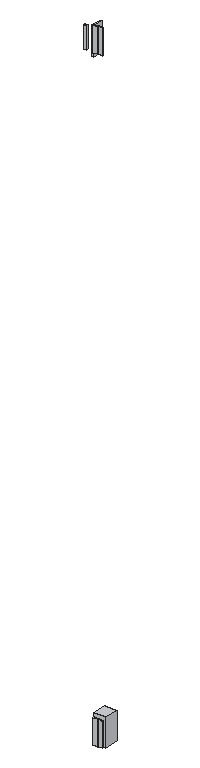
Revit family "МетеорЛифт_Лифт_Пассажирский_МетеорЛифт_EvoNG_LOD100", category Оборудование, Revit 2020 (continued)
Dimensions and locks
  aligned and locked: plane 5 "Задняя стена шахты" to nested 35
  aligned and locked: plane 5 "Задняя стена шахты" to nested 34
  aligned and locked: plane 5 "Задняя стена шахты" to nested 22
  aligned and locked: plane 5 "Задняя стена шахты" to nested 20
  aligned and locked: plane 5 "Задняя стена шахты" to nested 47
  aligned and locked: plane 5 "Задняя стена шахты" to nested 48
  aligned and locked: plane 5 "Задняя стена шахты" to nested 49
  aligned and locked: plane 5 "Задняя стена шахты" to nested 50
  aligned and locked: plane 5 "Задняя стена шахты" to nested 51
  aligned and locked: plane 5 "Задняя стена шахты" to nested 52
  aligned and locked: plane 5 "Задняя стена шахты" to nested 53
  aligned and locked: plane 5 "Задняя стена шахты" to nested 54
  aligned and locked: plane 5 "Задняя стена шахты" to nested 55
  aligned and locked: plane 5 "Задняя стена шахты" to nested 56
  aligned and locked: plane 5 "Задняя стена шахты" to nested 57
  aligned and locked: plane 5 "Задняя стена шахты" to nested 58
  aligned and locked: plane 5 "Задняя стена шахты" to nested 59
  aligned and locked: plane 5 "Задняя стена шахты" to nested 60
  aligned and locked: plane 5 "Задняя стена шахты" to nested 61
  aligned and locked: plane 5 "Задняя стена шахты" to nested 45
  aligned and locked: nested 64 to plane 14 "Ось шкафа управления"
  aligned and locked: plane 5 "Задняя стена шахты" to nested 64
  aligned and locked: nested 64 to plane 50 "Верхняя остановка"
Automatic sketch dimensions
  plane 1 "Передняя стена шахты" to curve 3 = 0 mm
  curve 2 to plane 3 "Левая стена шахты" = 0 mm
  plane 5 "Задняя стена шахты" to curve 2 = 0 mm
  curve 1 to plane 4 "Правая стена шахты" = 0 mm
Nested families
  nested 1: "МетеорЛифт_Противовес_МетеорЛифт" at (959, 832, 49392) x (0, -1, 0) z (0, 0, 1), Штихмасс противовеса <- "Штихмасс противовеса", type "МетеорЛифт_Противовес_МетеорЛифт"
    with Штихмасс противовеса 780 mm
  nested 2: "МетеорЛифт_ДверьШахты_Телескопическая_МетеорЛифт_Prima-S" at (1671, 0, 0), Ширина дверного проема <- "Ширина дверного проема", Толщина стены шахты <- "Толщина передней стены шахты", type <- "Дверь_ПереднийВход_НижняяОстановка", Направление открывания дверей <- "Направление открывания дверей", Высота дверного проема <- "Высота дверного проема", tol <- "tol_front", type "МетеорЛифт_ДверьШахты_Телескопическая_МетеорЛифт_Prima-S"
    with Ширина дверного проема 700 mm, Толщина стены шахты 200 mm, Направление открывания дверей no, Высота дверного проема 2000 mm, tol 15 mm
  nested 3: "МетеорЛифт_ДверьШахты_Телескопическая_МетеорЛифт_Prima-S" at (1671, 0, 50000), Ширина дверного проема <- "Ширина дверного проема", Толщина стены шахты <- "Толщина передней стены шахты", type <- "Дверь_ПереднийВход_ВерхняяОстановка", Направление открывания дверей <- "Направление открывания дверей", tol <- "tol_front", Высота дверного проема <- "Высота дверного проема", type "МетеорЛифт_ДверьШахты_Телескопическая_МетеорЛифт_Prima-S"
    with Ширина дверного проема 700 mm, Толщина стены шахты 200 mm, Направление открывания дверей no, Высота дверного проема 2000 mm, tol 15 mm
  nested 4: "МетеорЛифт_ДверьШахты_Отсутствует" at (1671, 0, 2752), Ширина дверного проема <- "Ширина дверного проема", Толщина стены шахты <- "Толщина передней стены шахты", type <- "Дверь_ПереднийВход_2Остановка", Направление открывания дверей <- "Направление открывания дверей", Высота дверного проема <- "Высота дверного проема", tol <- "tol_front", type "МетеорЛифт_ДверьШахты_Отсутствует"
    with Ширина дверного проема 700 mm, Толщина стены шахты 200 mm, Направление открывания дверей no, Высота дверного проема 2000 mm, tol 15 mm
  nested 5: "МетеорЛифт_ДверьШахты_Отсутствует" at (1671, 0, 5502), Ширина дверного проема <- "Ширина дверного проема", Толщина стены шахты <- "Толщина передней стены шахты", type <- "Дверь_ПереднийВход_3Остановка", Направление открывания дверей <- "Направление открывания дверей", Высота дверного проема <- "Высота дверного проема", tol <- "tol_front", type "МетеорЛифт_ДверьШахты_Отсутствует"
    with Ширина дверного проема 700 mm, Толщина стены шахты 200 mm, Направление открывания дверей no, Высота дверного проема 2000 mm, tol 15 mm
  nested 6: "МетеорЛифт_ДверьШахты_Отсутствует" at (1671, 0, 8252), Ширина дверного проема <- "Ширина дверного проема", Толщина стены шахты <- "Толщина передней стены шахты", type <- "Дверь_ПереднийВход_4Остановка", Направление открывания дверей <- "Направление открывания дверей", Высота дверного проема <- "Высота дверного проема", tol <- "tol_front", type "МетеорЛифт_ДверьШахты_Отсутствует"
    with Ширина дверного проема 700 mm, Толщина стены шахты 200 mm, Направление открывания дверей no, Высота дверного проема 2000 mm, tol 15 mm
  nested 7: "МетеорЛифт_ДверьШахты_Отсутствует" at (1671, 0, 11002), Ширина дверного проема <- "Ширина дверного проема", Толщина стены шахты <- "Толщина передней стены шахты", type <- "Дверь_ПереднийВход_5Остановка", Направление открывания дверей <- "Направление открывания дверей", Высота дверного проема <- "Высота дверного проема", tol <- "tol_front", type "МетеорЛифт_ДверьШахты_Отсутствует"
    with Ширина дверного проема 700 mm, Толщина стены шахты 200 mm, Направление открывания дверей no, Высота дверного проема 2000 mm, tol 15 mm
  nested 8: "МетеорЛифт_ДверьШахты_Отсутствует" at (1671, 0, 13752), Ширина дверного проема <- "Ширина дверного проема", Толщина стены шахты <- "Толщина передней стены шахты", type <- "Дверь_ПереднийВход_6Остановка", Направление открывания дверей <- "Направление открывания дверей", Высота дверного проема <- "Высота дверного проема", tol <- "tol_front", type "МетеорЛифт_ДверьШахты_Отсутствует"
    with Ширина дверного проема 700 mm, Толщина стены шахты 200 mm, Направление открывания дверей no, Высота дверного проема 2000 mm, tol 15 mm
  nested 9: "МетеорЛифт_ДверьШахты_Отсутствует" at (1671, 0, 44002), Ширина дверного проема <- "Ширина дверного проема", Толщина стены шахты <- "Толщина передней стены шахты", type <- "Дверь_ПереднийВход_17Остановка", Направление открывания дверей <- "Направление открывания дверей", Высота дверного проема <- "Высота дверного проема", tol <- "tol_front", type "МетеорЛифт_ДверьШахты_Отсутствует"
    with Ширина дверного проема 700 mm, Толщина стены шахты 200 mm, Направление открывания дверей no, Высота дверного проема 2000 mm, tol 15 mm
  nested 10: "МетеорЛифт_ДверьШахты_Отсутствует" at (1671, 0, 16502), Ширина дверного проема <- "Ширина дверного проема", Толщина стены шахты <- "Толщина передней стены шахты", type <- "Дверь_ПереднийВход_7Остановка", Направление открывания дверей <- "Направление открывания дверей", Высота дверного проема <- "Высота дверного проема", tol <- "tol_front", type "МетеорЛифт_ДверьШахты_Отсутствует"
    with Ширина дверного проема 700 mm, Толщина стены шахты 200 mm, Направление открывания дверей no, Высота дверного проема 2000 mm, tol 15 mm
  nested 11: "МетеорЛифт_ДверьШахты_Отсутствует" at (1671, 0, 19252), Ширина дверного проема <- "Ширина дверного проема", Толщина стены шахты <- "Толщина передней стены шахты", type <- "Дверь_ПереднийВход_8Остановка", Направление открывания дверей <- "Направление открывания дверей", Высота дверного проема <- "Высота дверного проема", tol <- "tol_front", type "МетеорЛифт_ДверьШахты_Отсутствует"
    with Ширина дверного проема 700 mm, Толщина стены шахты 200 mm, Направление открывания дверей no, Высота дверного проема 2000 mm, tol 15 mm
  nested 12: "МетеорЛифт_ДверьШахты_Отсутствует" at (1671, 0, 22002), Ширина дверного проема <- "Ширина дверного проема", Толщина стены шахты <- "Толщина передней стены шахты", type <- "Дверь_ПереднийВход_9Остановка", Направление открывания дверей <- "Направление открывания дверей", Высота дверного проема <- "Высота дверного проема", tol <- "tol_front", type "МетеорЛифт_ДверьШахты_Отсутствует"
    with Ширина дверного проема 700 mm, Толщина стены шахты 200 mm, Направление открывания дверей no, Высота дверного проема 2000 mm, tol 15 mm
  nested 13: "МетеорЛифт_ДверьШахты_Отсутствует" at (1671, 0, 24752), Ширина дверного проема <- "Ширина дверного проема", Толщина стены шахты <- "Толщина передней стены шахты", type <- "Дверь_ПереднийВход_10Остановка", Направление открывания дверей <- "Направление открывания дверей", Высота дверного проема <- "Высота дверного проема", tol <- "tol_front", type "МетеорЛифт_ДверьШахты_Отсутствует"
    with Ширина дверного проема 700 mm, Толщина стены шахты 200 mm, Направление открывания дверей no, Высота дверного проема 2000 mm, tol 15 mm
  nested 14: "МетеорЛифт_ДверьШахты_Отсутствует" at (1671, 0, 27502), Ширина дверного проема <- "Ширина дверного проема", Толщина стены шахты <- "Толщина передней стены шахты", type <- "Дверь_ПереднийВход_11Остановка", Направление открывания дверей <- "Направление открывания дверей", Высота дверного проема <- "Высота дверного проема", tol <- "tol_front", type "МетеорЛифт_ДверьШахты_Отсутствует"
    with Ширина дверного проема 700 mm, Толщина стены шахты 200 mm, Направление открывания дверей no, Высота дверного проема 2000 mm, tol 15 mm
  nested 15: "МетеорЛифт_ДверьШахты_Отсутствует" at (1671, 0, 30252), Ширина дверного проема <- "Ширина дверного проема", Толщина стены шахты <- "Толщина передней стены шахты", type <- "Дверь_ПереднийВход_12Остановка", Направление открывания дверей <- "Направление открывания дверей", Высота дверного проема <- "Высота дверного проема", tol <- "tol_front", type "МетеорЛифт_ДверьШахты_Отсутствует"
    with Ширина дверного проема 700 mm, Толщина стены шахты 200 mm, Направление открывания дверей no, Высота дверного проема 2000 mm, tol 15 mm
  nested 16: "МетеорЛифт_ДверьШахты_Отсутствует" at (1671, 0, 33002), Ширина дверного проема <- "Ширина дверного проема", Толщина стены шахты <- "Толщина передней стены шахты", type <- "Дверь_ПереднийВход_13Остановка", Направление открывания дверей <- "Направление открывания дверей", Высота дверного проема <- "Высота дверного проема", tol <- "tol_front", type "МетеорЛифт_ДверьШахты_Отсутствует"
    with Ширина дверного проема 700 mm, Толщина стены шахты 200 mm, Направление открывания дверей no, Высота дверного проема 2000 mm, tol 15 mm
  nested 17: "МетеорЛифт_ДверьШахты_Отсутствует" at (1671, 0, 35752), Ширина дверного проема <- "Ширина дверного проема", Толщина стены шахты <- "Толщина передней стены шахты", type <- "Дверь_ПереднийВход_14Остановка", Направление открывания дверей <- "Направление открывания дверей", Высота дверного проема <- "Высота дверного проема", tol <- "tol_front", type "МетеорЛифт_ДверьШахты_Отсутствует"
    with Ширина дверного проема 700 mm, Толщина стены шахты 200 mm, Направление открывания дверей no, Высота дверного проема 2000 mm, tol 15 mm
  nested 18: "МетеорЛифт_ДверьШахты_Отсутствует" at (1671, 0, 38502), Ширина дверного проема <- "Ширина дверного проема", Толщина стены шахты <- "Толщина передней стены шахты", type <- "Дверь_ПереднийВход_15Остановка", Направление открывания дверей <- "Направление открывания дверей", Высота дверного проема <- "Высота дверного проема", tol <- "tol_front", type "МетеорЛифт_ДверьШахты_Отсутствует"
    with Ширина дверного проема 700 mm, Толщина стены шахты 200 mm, Направление открывания дверей no, Высота дверного проема 2000 mm, tol 15 mm
  nested 19: "МетеорЛифт_ДверьШахты_Отсутствует" at (1671, 0, 41252), Ширина дверного проема <- "Ширина дверного проема", Толщина стены шахты <- "Толщина передней стены шахты", type <- "Дверь_ПереднийВход_16Остановка", Направление открывания дверей <- "Направление открывания дверей", Высота дверного проема <- "Высота дверного проема", tol <- "tol_front", type "МетеорЛифт_ДверьШахты_Отсутствует"
    with Ширина дверного проема 700 mm, Толщина стены шахты 200 mm, Направление открывания дверей no, Высота дверного проема 2000 mm, tol 15 mm
  nested 20: "МетеорЛифт_ДверьШахты_Отсутствует" at (1671, 1500, 44002), Ширина дверного проема <- "Ширина дверного проема", Толщина стены шахты <- "Толщина задней стены шахты", type <- "Дверь_ЗаднийВход_17Остановка", Направление открывания дверей <- "Направление открывания дверей", Высота дверного проема <- "Высота дверного проема", tol <- "tol_rear", type "МетеорЛифт_ДверьШахты_Отсутствует"
    with Ширина дверного проема 700 mm, Толщина стены шахты 200 mm, Направление открывания дверей no, Высота дверного проема 2000 mm, tol 15 mm
  nested 21: "МетеорЛифт_ДверьШахты_Отсутствует" at (1671, 0, 46752), Ширина дверного проема <- "Ширина дверного проема", Толщина стены шахты <- "Толщина передней стены шахты", type <- "Дверь_ПереднийВход_18Остановка", Направление открывания дверей <- "Направление открывания дверей", Высота дверного проема <- "Высота дверного проема", tol <- "tol_front", type "МетеорЛифт_ДверьШахты_Отсутствует"
    with Ширина дверного проема 700 mm, Толщина стены шахты 200 mm, Направление открывания дверей no, Высота дверного проема 2000 mm, tol 15 mm
  nested 22: "МетеорЛифт_ДверьШахты_Отсутствует" at (1671, 1500, 46752), Ширина дверного проема <- "Ширина дверного проема", Толщина стены шахты <- "Толщина задней стены шахты", type <- "Дверь_ЗаднийВход_18Остановка", Направление открывания дверей <- "Направление открывания дверей", Высота дверного проема <- "Высота дверного проема", tol <- "tol_rear", type "МетеорЛифт_ДверьШахты_Отсутствует"
    with Ширина дверного проема 700 mm, Толщина стены шахты 200 mm, Направление открывания дверей no, Высота дверного проема 2000 mm, tol 15 mm
  nested 23: "МетеорЛифт_ДверьШахты_Отсутствует" at (1671, 0, 49502), Ширина дверного проема <- "Ширина дверного проема", Толщина стены шахты <- "Толщина передней стены шахты", type <- "Дверь_ПереднийВход_19Остановка", Направление открывания дверей <- "Направление открывания дверей", Высота дверного проема <- "Высота дверного проема", tol <- "tol_front", type "МетеорЛифт_ДверьШахты_Отсутствует"
    with Ширина дверного проема 700 mm, Толщина стены шахты 200 mm, Направление открывания дверей no, Высота дверного проема 2000 mm, tol 15 mm
  nested 24: "МетеорЛифт_ДверьШахты_Отсутствует" at (1671, 0, 52252), Ширина дверного проема <- "Ширина дверного проема", Толщина стены шахты <- "Толщина передней стены шахты", type <- "Дверь_ПереднийВход_20Остановка", Направление открывания дверей <- "Направление открывания дверей", Высота дверного проема <- "Высота дверного проема", tol <- "tol_front", type "МетеорЛифт_ДверьШахты_Отсутствует"
    with Ширина дверного проема 700 mm, Толщина стены шахты 200 mm, Направление открывания дверей no, Высота дверного проема 2000 mm, tol 15 mm
  nested 25: "МетеорЛифт_ДверьШахты_Отсутствует" at (1671, 0, 55002), Ширина дверного проема <- "Ширина дверного проема", Толщина стены шахты <- "Толщина передней стены шахты", type <- "Дверь_ПереднийВход_21Остановка", Направление открывания дверей <- "Направление открывания дверей", Высота дверного проема <- "Высота дверного проема", tol <- "tol_front", type "МетеорЛифт_ДверьШахты_Отсутствует"
    with Ширина дверного проема 700 mm, Толщина стены шахты 200 mm, Направление открывания дверей no, Высота дверного проема 2000 mm, tol 15 mm
  nested 26: "МетеорЛифт_ДверьШахты_Отсутствует" at (1671, 0, 57752), Ширина дверного проема <- "Ширина дверного проема", Толщина стены шахты <- "Толщина передней стены шахты", type <- "Дверь_ПереднийВход_22Остановка", Направление открывания дверей <- "Направление открывания дверей", Высота дверного проема <- "Высота дверного проема", tol <- "tol_front", type "МетеорЛифт_ДверьШахты_Отсутствует"
    with Ширина дверного проема 700 mm, Толщина стены шахты 200 mm, Направление открывания дверей no, Высота дверного проема 2000 mm, tol 15 mm
  nested 27: "МетеорЛифт_ДверьШахты_Отсутствует" at (1671, 0, 60502), Ширина дверного проема <- "Ширина дверного проема", Толщина стены шахты <- "Толщина передней стены шахты", type <- "Дверь_ПереднийВход_23Остановка", Направление открывания дверей <- "Направление открывания дверей", Высота дверного проема <- "Высота дверного проема", tol <- "tol_front", type "МетеорЛифт_ДверьШахты_Отсутствует"
    with Ширина дверного проема 700 mm, Толщина стены шахты 200 mm, Направление открывания дверей no, Высота дверного проема 2000 mm, tol 15 mm
  nested 28: "МетеорЛифт_ДверьШахты_Отсутствует" at (1671, 0, 63252), Ширина дверного проема <- "Ширина дверного проема", Толщина стены шахты <- "Толщина передней стены шахты", type <- "Дверь_ПереднийВход_24Остановка", Направление открывания дверей <- "Направление открывания дверей", Высота дверного проема <- "Высота дверного проема", tol <- "tol_front", type "МетеорЛифт_ДверьШахты_Отсутствует"
    with Ширина дверного проема 700 mm, Толщина стены шахты 200 mm, Направление открывания дверей no, Высота дверного проема 2000 mm, tol 15 mm
  nested 29: "МетеорЛифт_ДверьШахты_Отсутствует" at (1671, 0, 66002), Ширина дверного проема <- "Ширина дверного проема", Толщина стены шахты <- "Толщина передней стены шахты", type <- "Дверь_ПереднийВход_25Остановка", Направление открывания дверей <- "Направление открывания дверей", Высота дверного проема <- "Высота дверного проема", tol <- "tol_front", type "МетеорЛифт_ДверьШахты_Отсутствует"
    with Ширина дверного проема 700 mm, Толщина стены шахты 200 mm, Направление открывания дверей no, Высота дверного проема 2000 mm, tol 15 mm
  nested 30: "МетеорЛифт_ДверьШахты_Отсутствует" at (1671, 0, 68752), Ширина дверного проема <- "Ширина дверного проема", Толщина стены шахты <- "Толщина передней стены шахты", type <- "Дверь_ПереднийВход_26Остановка", Направление открывания дверей <- "Направление открывания дверей", Высота дверного проема <- "Высота дверного проема", tol <- "tol_front", type "МетеорЛифт_ДверьШахты_Отсутствует"
    with Ширина дверного проема 700 mm, Толщина стены шахты 200 mm, Направление открывания дверей no, Высота дверного проема 2000 mm, tol 15 mm
  nested 31: "МетеорЛифт_ДверьШахты_Отсутствует" at (1671, 0, 71502), Ширина дверного проема <- "Ширина дверного проема", Толщина стены шахты <- "Толщина передней стены шахты", type <- "Дверь_ПереднийВход_27Остановка", Направление открывания дверей <- "Направление открывания дверей", Высота дверного проема <- "Высота дверного проема", tol <- "tol_front", type "МетеорЛифт_ДверьШахты_Отсутствует"
    with Ширина дверного проема 700 mm, Толщина стены шахты 200 mm, Направление открывания дверей no, Высота дверного проема 2000 mm, tol 15 mm
  nested 32: "МетеорЛифт_ДверьШахты_Отсутствует" at (1671, 0, 74252), Ширина дверного проема <- "Ширина дверного проема", Толщина стены шахты <- "Толщина передней стены шахты", type <- "Дверь_ПереднийВход_28Остановка", Направление открывания дверей <- "Направление открывания дверей", Высота дверного проема <- "Высота дверного проема", tol <- "tol_front", type "МетеорЛифт_ДверьШахты_Отсутствует"
    with Ширина дверного проема 700 mm, Толщина стены шахты 200 mm, Направление открывания дверей no, Высота дверного проема 2000 mm, tol 15 mm
  nested 33: "МетеорЛифт_ДверьШахты_Отсутствует" at (1671, 0, 77002), Ширина дверного проема <- "Ширина дверного проема", Толщина стены шахты <- "Толщина передней стены шахты", type <- "Дверь_ПереднийВход_29Остановка", Направление открывания дверей <- "Направление открывания дверей", Высота дверного проема <- "Высота дверного проема", tol <- "tol_front", type "МетеорЛифт_ДверьШахты_Отсутствует"
    with Ширина дверного проема 700 mm, Толщина стены шахты 200 mm, Направление открывания дверей no, Высота дверного проема 2000 mm, tol 15 mm
  nested 34: "МетеорЛифт_ДверьШахты_Отсутствует" at (1671, 1500, 49502), Ширина дверного проема <- "Ширина дверного проема", Толщина стены шахты <- "Толщина задней стены шахты", type <- "Дверь_ЗаднийВход_19Остановка", Направление открывания дверей <- "Направление открывания дверей", Высота дверного проема <- "Высота дверного проема", tol <- "tol_rear", type "МетеорЛифт_ДверьШахты_Отсутствует"
    with Ширина дверного проема 700 mm, Толщина стены шахты 200 mm, Направление открывания дверей no, Высота дверного проема 2000 mm, tol 15 mm
  nested 35: "МетеорЛифт_ДверьШахты_Отсутствует" at (1671, 1500, 52252), Ширина дверного проема <- "Ширина дверного проема", Толщина стены шахты <- "Толщина задней стены шахты", type <- "Дверь_ЗаднийВход_20Остановка", Направление открывания дверей <- "Направление открывания дверей", Высота дверного проема <- "Высота дверного проема", tol <- "tol_rear", type "МетеорЛифт_ДверьШахты_Отсутствует"
    with Ширина дверного проема 700 mm, Толщина стены шахты 200 mm, Направление открывания дверей no, Высота дверного проема 2000 mm, tol 15 mm
  nested 36: "МетеорЛифт_ДверьШахты_Отсутствует" at (1671, 1500, 57752), Ширина дверного проема <- "Ширина дверного проема", Толщина стены шахты <- "Толщина задней стены шахты", type <- "Дверь_ЗаднийВход_22Остановка", Направление открывания дверей <- "Направление открывания дверей", Высота дверного проема <- "Высота дверного проема", tol <- "tol_rear", type "МетеорЛифт_ДверьШахты_Отсутствует"
    with Ширина дверного проема 700 mm, Толщина стены шахты 200 mm, Направление открывания дверей no, Высота дверного проема 2000 mm, tol 15 mm
  nested 37: "МетеорЛифт_ДверьШахты_Отсутствует" at (1671, 1500, 60502), Ширина дверного проема <- "Ширина дверного проема", Толщина стены шахты <- "Толщина задней стены шахты", type <- "Дверь_ЗаднийВход_23Остановка", Направление открывания дверей <- "Направление открывания дверей", Высота дверного проема <- "Высота дверного проема", tol <- "tol_rear", type "МетеорЛифт_ДверьШахты_Отсутствует"
    with Ширина дверного проема 700 mm, Толщина стены шахты 200 mm, Направление открывания дверей no, Высота дверного проема 2000 mm, tol 15 mm
  nested 38: "МетеорЛифт_ДверьШахты_Отсутствует" at (1671, 1500, 63252), Ширина дверного проема <- "Ширина дверного проема", Толщина стены шахты <- "Толщина задней стены шахты", type <- "Дверь_ЗаднийВход_24Остановка", Направление открывания дверей <- "Направление открывания дверей", Высота дверного проема <- "Высота дверного проема", tol <- "tol_rear", type "МетеорЛифт_ДверьШахты_Отсутствует"
    with Ширина дверного проема 700 mm, Толщина стены шахты 200 mm, Направление открывания дверей no, Высота дверного проема 2000 mm, tol 15 mm
  nested 39: "МетеорЛифт_ДверьШахты_Отсутствует" at (1671, 1500, 66002), Ширина дверного проема <- "Ширина дверного проема", Толщина стены шахты <- "Толщина задней стены шахты", type <- "Дверь_ЗаднийВход_25Остановка", Направление открывания дверей <- "Направление открывания дверей", Высота дверного проема <- "Высота дверного проема", tol <- "tol_rear", type "МетеорЛифт_ДверьШахты_Отсутствует"
    with Ширина дверного проема 700 mm, Толщина стены шахты 200 mm, Направление открывания дверей no, Высота дверного проема 2000 mm, tol 15 mm
  nested 40: "МетеорЛифт_ДверьШахты_Отсутствует" at (1671, 1500, 68752), Ширина дверного проема <- "Ширина дверного проема", Толщина стены шахты <- "Толщина задней стены шахты", type <- "Дверь_ЗаднийВход_26Остановка", Направление открывания дверей <- "Направление открывания дверей", Высота дверного проема <- "Высота дверного проема", tol <- "tol_rear", type "МетеорЛифт_ДверьШахты_Отсутствует"
    with Ширина дверного проема 700 mm, Толщина стены шахты 200 mm, Направление открывания дверей no, Высота дверного проема 2000 mm, tol 15 mm
  nested 41: "МетеорЛифт_ДверьШахты_Отсутствует" at (1671, 1500, 71502), Ширина дверного проема <- "Ширина дверного проема", Толщина стены шахты <- "Толщина задней стены шахты", type <- "Дверь_ЗаднийВход_27Остановка", Направление открывания дверей <- "Направление открывания дверей", Высота дверного проема <- "Высота дверного проема", tol <- "tol_rear", type "МетеорЛифт_ДверьШахты_Отсутствует"
    with Ширина дверного проема 700 mm, Толщина стены шахты 200 mm, Направление открывания дверей no, Высота дверного проема 2000 mm, tol 15 mm
  nested 42: "МетеорЛифт_ДверьШахты_Отсутствует" at (1671, 1500, 74252), Ширина дверного проема <- "Ширина дверного проема", Толщина стены шахты <- "Толщина задней стены шахты", type <- "Дверь_ЗаднийВход_28Остановка", Направление открывания дверей <- "Направление открывания дверей", Высота дверного проема <- "Высота дверного проема", tol <- "tol_rear", type "МетеорЛифт_ДверьШахты_Отсутствует"
    with Ширина дверного проема 700 mm, Толщина стены шахты 200 mm, Направление открывания дверей no, Высота дверного проема 2000 mm, tol 15 mm
  nested 43: "МетеорЛифт_ДверьШахты_Отсутствует" at (1671, 1500, 77002), Ширина дверного проема <- "Ширина дверного проема", Толщина стены шахты <- "Толщина задней стены шахты", type <- "Дверь_ЗаднийВход_29Остановка", Направление открывания дверей <- "Направление открывания дверей", Высота дверного проема <- "Высота дверного проема", tol <- "tol_rear", type "МетеорЛифт_ДверьШахты_Отсутствует"
    with Ширина дверного проема 700 mm, Толщина стены шахты 200 mm, Направление открывания дверей no, Высота дверного проема 2000 mm, tol 15 mm
  nested 44: "МетеорЛифт_ДверьШахты_Отсутствует" at (1671, 1500, 55002), Ширина дверного проема <- "Ширина дверного проема", Толщина стены шахты <- "Толщина задней стены шахты", type <- "Дверь_ЗаднийВход_21Остановка", Направление открывания дверей <- "Направление открывания дверей", Высота дверного проема <- "Высота дверного проема", tol <- "tol_rear", type "МетеорЛифт_ДверьШахты_Отсутствует"
    with Ширина дверного проема 700 mm, Толщина стены шахты 200 mm, Направление открывания дверей no, Высота дверного проема 2000 mm, tol 15 mm
  nested 45: "МетеорЛифт_ДверьШахты_Отсутствует" at (1671, 1500, 50002), Ширина дверного проема <- "Ширина дверного проема", Толщина стены шахты <- "Толщина задней стены шахты", type <- "Дверь_ЗаднийВход_ВерхняяОстановка", Направление открывания дверей <- "Направление открывания дверей", tol <- "tol_rear", Высота дверного проема <- "Высота дверного проема", type "МетеорЛифт_ДверьШахты_Отсутствует"
    with Ширина дверного проема 700 mm, Толщина стены шахты 200 mm, Направление открывания дверей no, Высота дверного проема 2000 mm, tol 15 mm
  nested 46: "МетеорЛифт_ДверьШахты_Отсутствует" at (1671, 1500, 41252), Ширина дверного проема <- "Ширина дверного проема", Толщина стены шахты <- "Толщина задней стены шахты", type <- "Дверь_ЗаднийВход_16Остановка", Направление открывания дверей <- "Направление открывания дверей", Высота дверного проема <- "Высота дверного проема", tol <- "tol_rear", type "МетеорЛифт_ДверьШахты_Отсутствует"
    with Ширина дверного проема 700 mm, Толщина стены шахты 200 mm, Направление открывания дверей no, Высота дверного проема 2000 mm, tol 15 mm
  nested 47: "МетеорЛифт_ДверьШахты_Отсутствует" at (1671, 1500, 38502), Ширина дверного проема <- "Ширина дверного проема", Толщина стены шахты <- "Толщина задней стены шахты", type <- "Дверь_ЗаднийВход_15Остановка", Направление открывания дверей <- "Направление открывания дверей", Высота дверного проема <- "Высота дверного проема", tol <- "tol_rear", type "МетеорЛифт_ДверьШахты_Отсутствует"
    with Ширина дверного проема 700 mm, Толщина стены шахты 200 mm, Направление открывания дверей no, Высота дверного проема 2000 mm, tol 15 mm
  nested 48: "МетеорЛифт_ДверьШахты_Отсутствует" at (1671, 1500, 35752), Ширина дверного проема <- "Ширина дверного проема", Толщина стены шахты <- "Толщина задней стены шахты", type <- "Дверь_ЗаднийВход_14Остановка", Направление открывания дверей <- "Направление открывания дверей", Высота дверного проема <- "Высота дверного проема", tol <- "tol_rear", type "МетеорЛифт_ДверьШахты_Отсутствует"
    with Ширина дверного проема 700 mm, Толщина стены шахты 200 mm, Направление открывания дверей no, Высота дверного проема 2000 mm, tol 15 mm
  nested 49: "МетеорЛифт_ДверьШахты_Отсутствует" at (1671, 1500, 33002), Ширина дверного проема <- "Ширина дверного проема", Толщина стены шахты <- "Толщина задней стены шахты", type <- "Дверь_ЗаднийВход_13Остановка", Направление открывания дверей <- "Направление открывания дверей", Высота дверного проема <- "Высота дверного проема", tol <- "tol_rear", type "МетеорЛифт_ДверьШахты_Отсутствует"
    with Ширина дверного проема 700 mm, Толщина стены шахты 200 mm, Направление открывания дверей no, Высота дверного проема 2000 mm, tol 15 mm
  nested 50: "МетеорЛифт_ДверьШахты_Отсутствует" at (1671, 1500, 30252), Ширина дверного проема <- "Ширина дверного проема", Толщина стены шахты <- "Толщина задней стены шахты", type <- "Дверь_ЗаднийВход_12Остановка", Направление открывания дверей <- "Направление открывания дверей", Высота дверного проема <- "Высота дверного проема", tol <- "tol_rear", type "МетеорЛифт_ДверьШахты_Отсутствует"
    with Ширина дверного проема 700 mm, Толщина стены шахты 200 mm, Направление открывания дверей no, Высота дверного проема 2000 mm, tol 15 mm
  nested 51: "МетеорЛифт_ДверьШахты_Отсутствует" at (1671, 1500, 27502), Ширина дверного проема <- "Ширина дверного проема", Толщина стены шахты <- "Толщина задней стены шахты", type <- "Дверь_ЗаднийВход_11Остановка", Направление открывания дверей <- "Направление открывания дверей", Высота дверного проема <- "Высота дверного проема", tol <- "tol_rear", type "МетеорЛифт_ДверьШахты_Отсутствует"
    with Ширина дверного проема 700 mm, Толщина стены шахты 200 mm, Направление открывания дверей no, Высота дверного проема 2000 mm, tol 15 mm
  nested 52: "МетеорЛифт_ДверьШахты_Отсутствует" at (1671, 1500, 24752), Ширина дверного проема <- "Ширина дверного проема", Толщина стены шахты <- "Толщина задней стены шахты", type <- "Дверь_ЗаднийВход_10Остановка", Направление открывания дверей <- "Направление открывания дверей", Высота дверного проема <- "Высота дверного проема", tol <- "tol_rear", type "МетеорЛифт_ДверьШахты_Отсутствует"
    with Ширина дверного проема 700 mm, Толщина стены шахты 200 mm, Направление открывания дверей no, Высота дверного проема 2000 mm, tol 15 mm
  nested 53: "МетеорЛифт_ДверьШахты_Отсутствует" at (1671, 1500, 22002), Ширина дверного проема <- "Ширина дверного проема", Толщина стены шахты <- "Толщина задней стены шахты", type <- "Дверь_ЗаднийВход_9Остановка", Направление открывания дверей <- "Направление открывания дверей", Высота дверного проема <- "Высота дверного проема", tol <- "tol_rear", type "МетеорЛифт_ДверьШахты_Отсутствует"
    with Ширина дверного проема 700 mm, Толщина стены шахты 200 mm, Направление открывания дверей no, Высота дверного проема 2000 mm, tol 15 mm
  nested 54: "МетеорЛифт_ДверьШахты_Отсутствует" at (1671, 1500, 19252), Ширина дверного проема <- "Ширина дверного проема", Толщина стены шахты <- "Толщина задней стены шахты", type <- "Дверь_ЗаднийВход_8Остановка", Направление открывания дверей <- "Направление открывания дверей", Высота дверного проема <- "Высота дверного проема", tol <- "tol_rear", type "МетеорЛифт_ДверьШахты_Отсутствует"
    with Ширина дверного проема 700 mm, Толщина стены шахты 200 mm, Направление открывания дверей no, Высота дверного проема 2000 mm, tol 15 mm
  nested 55: "МетеорЛифт_ДверьШахты_Отсутствует" at (1671, 1500, 16502), Ширина дверного проема <- "Ширина дверного проема", Толщина стены шахты <- "Толщина задней стены шахты", type <- "Дверь_ЗаднийВход_7Остановка", Направление открывания дверей <- "Направление открывания дверей", Высота дверного проема <- "Высота дверного проема", tol <- "tol_rear", type "МетеорЛифт_ДверьШахты_Отсутствует"
    with Ширина дверного проема 700 mm, Толщина стены шахты 200 mm, Направление открывания дверей no, Высота дверного проема 2000 mm, tol 15 mm
  nested 56: "МетеорЛифт_ДверьШахты_Отсутствует" at (1671, 1500, 13752), Ширина дверного проема <- "Ширина дверного проема", Толщина стены шахты <- "Толщина задней стены шахты", type <- "Дверь_ЗаднийВход_6Остановка", Направление открывания дверей <- "Направление открывания дверей", Высота дверного проема <- "Высота дверного проема", tol <- "tol_rear", type "МетеорЛифт_ДверьШахты_Отсутствует"
    with Ширина дверного проема 700 mm, Толщина стены шахты 200 mm, Направление открывания дверей no, Высота дверного проема 2000 mm, tol 15 mm
  nested 57: "МетеорЛифт_ДверьШахты_Отсутствует" at (1671, 1500, 11002), Ширина дверного проема <- "Ширина дверного проема", Толщина стены шахты <- "Толщина задней стены шахты", type <- "Дверь_ЗаднийВход_5Остановка", Направление открывания дверей <- "Направление открывания дверей", Высота дверного проема <- "Высота дверного проема", tol <- "tol_rear", type "МетеорЛифт_ДверьШахты_Отсутствует"
    with Ширина дверного проема 700 mm, Толщина стены шахты 200 mm, Направление открывания дверей no, Высота дверного проема 2000 mm, tol 15 mm
  nested 58: "МетеорЛифт_ДверьШахты_Отсутствует" at (1671, 1500, 8252), Ширина дверного проема <- "Ширина дверного проема", Толщина стены шахты <- "Толщина задней стены шахты", type <- "Дверь_ЗаднийВход_4Остановка", Направление открывания дверей <- "Направление открывания дверей", Высота дверного проема <- "Высота дверного проема", tol <- "tol_rear", type "МетеорЛифт_ДверьШахты_Отсутствует"
    with Ширина дверного проема 700 mm, Толщина стены шахты 200 mm, Направление открывания дверей no, Высота дверного проема 2000 mm, tol 15 mm
  nested 59: "МетеорЛифт_ДверьШахты_Отсутствует" at (1671, 1500, 5502), Ширина дверного проема <- "Ширина дверного проема", Толщина стены шахты <- "Толщина задней стены шахты", type <- "Дверь_ЗаднийВход_3Остановка", Направление открывания дверей <- "Направление открывания дверей", Высота дверного проема <- "Высота дверного проема", tol <- "tol_rear", type "МетеорЛифт_ДверьШахты_Отсутствует"
    with Ширина дверного проема 700 mm, Толщина стены шахты 200 mm, Направление открывания дверей no, Высота дверного проема 2000 mm, tol 15 mm
  nested 60: "МетеорЛифт_ДверьШахты_Отсутствует" at (1671, 1500, 2752), Ширина дверного проема <- "Ширина дверного проема", Толщина стены шахты <- "Толщина задней стены шахты", type <- "Дверь_ЗаднийВход_2Остановка", Направление открывания дверей <- "Направление открывания дверей", Высота дверного проема <- "Высота дверного проема", tol <- "tol_rear", type "МетеорЛифт_ДверьШахты_Отсутствует"
    with Ширина дверного проема 700 mm, Толщина стены шахты 200 mm, Направление открывания дверей no, Высота дверного проема 2000 mm, tol 15 mm
  nested 61: "МетеорЛифт_ДверьШахты_Отсутствует" at (1671, 1500, 2), Ширина дверного проема <- "Ширина дверного проема", Толщина стены шахты <- "Толщина задней стены шахты", type <- "Дверь_ЗаднийВход_НижняяОстановка", Направление открывания дверей <- "Направление открывания дверей", Высота дверного проема <- "Высота дверного проема", tol <- "tol_rear", type "МетеорЛифт_ДверьШахты_Отсутствует"
    with Ширина дверного проема 700 mm, Толщина стены шахты 200 mm, Направление открывания дверей no, Высота дверного проема 2000 mm, tol 15 mm
  nested 62: "МетеорЛифт_ШкафУправления_МетеорЛифт" at (971, 0, 50000), Толщина стены шахты <- "Толщина передней стены шахты", Зона обслуживания <- "Зона обслуживания шкафа управления", type <- "ШкафУправления_ПереднийВход", type "МетеорЛифт_ШкафУправления_МетеорЛифт"
    with Толщина стены шахты 200 mm, Зона обслуживания no
  nested 63: "МетеорЛифт_Кабина_МетеорЛифт_EvoNG" at (1671, 832, 0), Ширина дверного проема <- "OP", Высота дверного проема <- "OPH", DOP <- "DOP", Лифт для ППП <- "Лифт для ППП", Лифт для МГН <- "Лифт для МГН", Количество входов в кабину <- "Количество входов в кабину", Инфографика <- "Инфографика", Код дверей <- "Код дверей", type "МетеорЛифт_Кабина_МетеорЛифт_EvoNG"
    with Ширина дверного проема 700 mm, Центрального открывания none, Телескопическая none, Отсутствует none, Лифт для ППП no, Лифт для МГН no, Количество входов в кабину 1, Код дверей 8, Инфографика yes, Дверь_ПереднийВход none, Дверь_ЗаднийВход none, Высота дверного проема 2000 mm, PPP no, MGN no, DOP 0 mm, CH 2200 mm
  nested 64: "МетеорЛифт_ШкафУправления_Отсутствует" at (971, 1500, 50000), Толщина стены шахты <- "Толщина задней стены шахты", Зона обслуживания <- "Зона обслуживания шкафа управления", type <- "ШкафУправления_ЗаднийВход", type "МетеорЛифт_ШкафУправления_Отсутствует"
    with Толщина стены шахты 200 mm, Зона обслуживания no
Connectors
  electrical at (1096, -277.25, 51125), driven by "Полная мощность освещения шахты"
    settings: on nested 62, index 1, voltage 220 V, apparent load 0 VA, apparent load phase1 1320 VA, apparent load phase2 0 VA, apparent load phase3 0 VA, power factor 1, load classification "Освещение", number of poles 1, system type 31, power factor state 1, is connector primary yes, connector utility no, sub classification motor no, connector description "Освещение шахты"
  electrical at (846, -277.25, 51125), driven by "Полная мощность лифта"
    settings: on nested 62, index 6, voltage 380 V, apparent load 4591.84 VA, apparent load phase1 0 VA, apparent load phase2 0 VA, apparent load phase3 0 VA, power factor 0.98, load classification "Силовые цепи", number of poles 3, system type 30, power factor state 1, is connector primary no, connector utility no, sub classification motor no, connector description "Силовая цепь лифта"
Definition of nested family "МетеорЛифт_Противовес_МетеорЛифт"
  Parameters (values of type "МетеорЛифт_Противовес_МетеорЛифт")
    Штихмасс противовеса [instance] = 1000 mm
    Default Elevation = 0 mm
  Reference planes
    plane 1 "По центру (Вперед/Назад)": y = 0
    plane 2: z = 0
    plane 3 "По центру (Влево/Вправо)": x = 0
    plane 4: y = 64
    plane 5: y = -64
    plane 6: x = -500
    plane 7: x = 500
    plane 8: z = 2251
  Forms (mm)
    Extrusion 1, solid
      sketch origin (0, 0, 0) x (1, 0, 0) y (0, 1, 0)
        loop
          line (-500, 72) -> (-500, -72) -> (500, -72) -> (500, 72) -> (-500, 72)
      from 0 to 2251
  Lines and regions (mm)
    symbolic lines
      curve 1: line (-500, 64, 0) -> (500, 64, 0)
      curve 2: line (-500, -64, 0) -> (-500, 64, 0)
      curve 3: line (500, -64, 0) -> (-500, -64, 0)
      curve 4: line (500, 64, 0) -> (500, -64, 0)
  Dimensions and locks
    locked: plane 5 to plane 4 at 128
    equal spacing: plane 5, plane 1 "По центру (Вперед/Назад)", plane 4, locked at 64 each
    "Штихмасс противовеса": plane 6 to plane 7
    equal spacing: plane 6, plane 3 "По центру (Влево/Вправо)", plane 7
    locked: plane 8 to plane 2 at 2251
    aligned and locked: level to plane 2
    aligned and locked: plane 6 to curve 2
    aligned and locked: curve 4 to plane 7
    aligned and locked: plane 6 to Extrusion 1 sketch curve
    aligned and locked: Extrusion 1 sketch curve to plane 7
    aligned and locked: plane 8 to Extrusion 1
    aligned and locked: Extrusion 1 to plane 2
    aligned and locked: curve 3 to plane 5
    aligned and locked: plane 4 to curve 1
  Automatic sketch dimensions
    plane 5 to Extrusion 1 sketch curve = 8 mm
    Extrusion 1 sketch curve to plane 4 = 8 mm
Definition of nested family "МетеорЛифт_ДверьШахты_Телескопическая_МетеорЛифт_Prima-S"
  Parameters (values of type "МетеорЛифт_ДверьШахты_Телескопическая_МетеорЛифт_Prima-S")
    Ширина дверного проема [instance] = 1200 mm
    Толщина стены шахты [instance] = 200 mm
    Default Elevation = 0 mm
    Направление открывания дверей [instance] = yes
    Высота дверного проема [instance] = 2000 mm
    tol [instance] = 25 mm
  Reference planes
    plane 1 "По центру (Вперед/Назад)": y = 0
    plane 2 "По центру (Вверх/Вниз)": z = 0
    plane 3 "По центру (Влево/Вправо)": x = 0
    plane 4: x = -600
    plane 5: x = 600
    plane 6: z = 2000
    plane 7: x = -650
    plane 8: x = 650
    plane 9: x = 748.5
    plane 10: y = 25
    plane 11: y = 130
    plane 12: x = -1225
    plane 13: z = 2050
    plane 14: z = -42
    plane 15: y = -200
    plane 16: y = -100
    plane 17: x = -50
    plane 18: x = 50
    plane 19: x = -150
    plane 20: x = 150
    plane 21: x = -250
    plane 22: x = 250
    plane 23: z = 1000
    plane 24: z = 970
    plane 25: z = 940
    plane 26: z = 1030
    plane 27: z = 1060
    plane 28: x = -200
    plane 29: x = 100
    plane 30: x = 200
    plane 31: x = 250
    plane 32: x = -250
    plane 33: z = 1000
    plane 34: y = 70
    plane 35: y = 85
    plane 36: x = -1200
  Forms (mm)
    Extrusion 1, solid, not visible
      sketch origin (0, 0, 0) x (0, 1, 0) y (0, 0, 1)
        loop
          line (130, 0) -> (25, 0) -> (25, -42) -> (130, -42) -> (130, 0)
      from -1225 to 748.5
    Extrusion 2, void
      sketch origin (0, 0, 0) x (1, 0, 0) y (0, 0, 1)
        loop
          line (-650, 2050) -> (-650, 0) -> (650, 0) -> (650, 2050) -> (-650, 2050)
      from -25 to 200
    Extrusion 3, solid
      sketch origin (0, 0, 0) x (1, 0, 0) y (0, 1, 0)
        loop
          line (-600, 70) -> (-600, 25) -> (0, 25) -> (0, 70) -> (-600, 70)
        loop
          line (0, 130) -> (0, 85) -> (600, 85) -> (600, 130) -> (0, 130)
      from 0 to 2000
  Lines and regions (mm)
    symbolic lines
      curve 1: line (-600, 0, 2000) -> (600, 0, 2000)
      curve 2: line (-600, 0, 0) -> (-600, 0, 2000)
      curve 3: line (600, 0, 0) -> (-600, 0, 0)
      curve 4: line (600, 0, 2000) -> (600, 0, 0)
      curve 5: line (0, 0, 2000) -> (0, 0, 0)
      curve 28: line (-600, 70, 0) -> (0, 70, 0)
      curve 29: line (-600, 0, 0) -> (-600, 70, 0)
      curve 30: line (0, 25, 0) -> (-600, 25, 0)
      curve 31: line (0, 70, 0) -> (0, 25, 0)
      curve 32: line (0, 130, 0) -> (600, 130, 0)
      curve 33: line (0, 85, 0) -> (0, 130, 0)
      curve 34: line (600, 85, 0) -> (0, 85, 0)
      curve 35: line (600, 130, 0) -> (600, 0, 0)
      curve 36: line (0, 0, 2050) -> (0, 0, 2000)
      curve 37: line (0, 0, 2000) -> (0, 130, 2000)
      curve 38: line (0, 130, 2000) -> (0, 130, 0)
      curve 39: line (0, 130, 0) -> (0, 0, 0)
      curve 40: line (0, 85, 0) -> (0, 85, 2000)
      curve 41: line (0, 70, 2000) -> (0, 70, 0)
      curve 42: line (0, 25, 0) -> (0, 25, 2000)
      curve 43: line (-650, 0, 0) -> (-600, 0, 0)
      curve 44: line (650, 0, 0) -> (600, 0, 0)
    symbolic lines, visible <- "Направление открывания дверей"
      curve 6: line (-250, -100, 0) -> (-150, -117.633, 0)
      curve 7: line (-250, -100, 0) -> (-150, -82.367, 0)
      curve 8: line (-150, -82.367, 0) -> (-150, -117.633, 0)
      curve 9: line (-150, -100, 0) -> (-50, -100, 0)
      curve 10: line (50, -100, 0) -> (150, -117.633, 0)
      curve 11: line (50, -100, 0) -> (150, -82.367, 0)
      curve 12: line (150, -82.367, 0) -> (150, -117.633, 0)
      curve 13: line (150, -100, 0) -> (250, -100, 0)
      curve 14: line (-50, 0, 970) -> (-50, 0, 1030)
      curve 15: line (-50, 0, 1030) -> (-150, 0, 1030)
      curve 16: line (-150, 0, 1030) -> (-150, 0, 1060)
      curve 17: line (-150, 0, 1060) -> (-200, 0, 1000)
      curve 18: line (-200, 0, 1000) -> (-150, 0, 940)
      curve 19: line (-150, 0, 940) -> (-150, 0, 970)
      curve 20: line (-150, 0, 970) -> (-50, 0, 970)
      curve 21: line (50, 0, 1000) -> (100, 0, 1060)
      curve 22: line (100, 0, 1060) -> (100, 0, 1030)
      curve 23: line (100, 0, 1030) -> (200, 0, 1030)
      curve 24: line (200, 0, 1030) -> (200, 0, 970)
      curve 25: line (200, 0, 970) -> (100, 0, 970)
      curve 26: line (100, 0, 970) -> (100, 0, 940)
      curve 27: line (100, 0, 940) -> (50, 0, 1000)
  Dimensions and locks
    equal spacing: plane 4, plane 3 "По центру (Влево/Вправо)", plane 5
    "Ширина дверного проема": plane 4 to plane 5
    "Высота дверного проема": plane 6 to plane 2 "По центру (Вверх/Вниз)"
    locked: plane 13 to plane 6 at 50
    locked: plane 2 "По центру (Вверх/Вниз)" to plane 14 at 42
    "tol": plane 1 "По центру (Вперед/Назад)" to plane 10
    locked: plane 10 to plane 11 at 105
    locked: plane 5 to plane 9 at 148.5
    "Толщина стены шахты": plane 15 to plane 1 "По центру (Вперед/Назад)"
    locked: plane 16 to plane 1 "По центру (Вперед/Назад)" at 100
    plane 21 to plane 19 to plane 17 to plane 18 to plane 20 to plane 22 = 100 mm locked, 100 mm locked, 100 mm, 100 mm locked, 100 mm locked
    locked: plane 28 to plane 19 at 50
    plane 18 to plane 29 to plane 30 = 50 mm locked, 100 mm locked
    plane 31 to plane 3 "По центру (Влево/Вправо)" = 250 mm
    plane 3 "По центру (Влево/Вправо)" to plane 32 = 250 mm
    locked: plane 23 to plane 2 "По центру (Вверх/Вниз)" at 1000
    equal spacing: plane 6, plane 33, plane 2 "По центру (Вверх/Вниз)"
    plane 27 to plane 23 to plane 25 = 60 mm locked, 60 mm locked
    plane 26 to plane 23 to plane 24 = 30 mm locked, 30 mm locked
    locked: plane 10 to plane 34 at 45
    locked: plane 35 to plane 11 at 45
    locked: plane 7 to plane 4 at 50
    locked: plane 5 to plane 8 at 50
    "Ширина дверного проема": plane 36 to plane 3 "По центру (Влево/Вправо)"
    locked: plane 12 to plane 36 at 25
    angle curve 6 to plane 16 to curve 7 = 10.00°, 10.00°
    angle curve 10 to plane 16 to curve 11 = 10.00°, 10.00°
    aligned and locked: Extrusion 1 sketch curve to plane 11
    aligned and locked: Extrusion 1 sketch curve to plane 14
    aligned and locked: plane 10 to Extrusion 1 sketch curve
    aligned and locked: Extrusion 2 sketch curve to plane 13
    aligned and locked: plane 7 to Extrusion 2 sketch curve
    aligned and locked: plane 2 "По центру (Вверх/Вниз)" to Extrusion 2 sketch curve
    aligned and locked: Extrusion 2 sketch curve to plane 8
    aligned and locked: Extrusion 2 to plane 10
    aligned and locked: plane 2 "По центру (Вверх/Вниз)" to Extrusion 1
    aligned and locked: level to plane 2 "По центру (Вверх/Вниз)"
    aligned and locked: Extrusion 1 to plane 12
    aligned and locked: Extrusion 1 to plane 11
    aligned and locked: plane 10 to Extrusion 1
    aligned and locked: plane 9 to Extrusion 1
    aligned and locked: plane 15 to Extrusion 2
    aligned and locked: curve 1 to plane 6
    aligned and locked: plane 4 to curve 2
    aligned and locked: plane 2 "По центру (Вверх/Вниз)" to curve 3
    aligned and locked: curve 4 to plane 5
    aligned and locked: curve 5 to plane 3 "По центру (Влево/Вправо)"
    aligned and locked: Extrusion 3 sketch curve to plane 10
    aligned and locked: plane 34 to Extrusion 3 sketch curve
    aligned and locked: plane 4 to Extrusion 3 sketch curve
    aligned and locked: Extrusion 3 sketch curve to plane 3 "По центру (Влево/Вправо)"
    aligned and locked: Extrusion 3 sketch curve to plane 35
    aligned and locked: plane 11 to Extrusion 3 sketch curve
    aligned and locked: plane 3 "По центру (Влево/Вправо)" to Extrusion 3 sketch curve
    aligned and locked: Extrusion 3 sketch curve to plane 5
    aligned and locked: Extrusion 3 to plane 2 "По центру (Вверх/Вниз)"
    aligned and locked: plane 6 to Extrusion 3
    aligned and locked: curve 31 to plane 3 "По центру (Влево/Вправо)"
    aligned and locked: plane 3 "По центру (Влево/Вправо)" to curve 33
    aligned and locked: curve 35 to plane 5
    aligned and locked: plane 11 to curve 32
    aligned and locked: curve 34 to plane 35
    aligned and locked: plane 34 to curve 28
    aligned and locked: curve 30 to plane 10
    aligned and locked: plane 6 to curve 42
    aligned and locked: plane 2 "По центру (Вверх/Вниз)" to curve 42
    aligned and locked: curve 39 to plane 2 "По центру (Вверх/Вниз)"
    aligned and locked: plane 10 to curve 42
    aligned and locked: curve 41 to plane 34
    aligned and locked: plane 35 to curve 40
    aligned and locked: curve 38 to plane 11
    aligned and locked: plane 6 to curve 37
    aligned and locked: curve 36 to plane 1 "По центру (Вперед/Назад)"
    aligned and locked: plane 1 "По центру (Вперед/Назад)" to curve 35
    aligned and locked: plane 1 "По центру (Вперед/Назад)" to curve 29
    aligned and locked: curve 44 to plane 1 "По центру (Вперед/Назад)"
    aligned and locked: plane 1 "По центру (Вперед/Назад)" to curve 43
  Automatic sketch dimensions
    level to Extrusion 1 sketch curve = 0 mm
    curve 18 to plane 23 = 0 mm
    plane 28 to curve 18 = 0 mm
    plane 19 to curve 18 = 0 mm
    plane 19 to curve 17 = 0 mm
    plane 17 to curve 14 = 0 mm
    plane 18 to curve 21 = 0 mm
    curve 22 to plane 27 = 0 mm
    plane 29 to curve 22 = 0 mm
    curve 27 to plane 25 = 0 mm
    plane 29 to curve 27 = 0 mm
    curve 24 to plane 24 = 0 mm
    plane 30 to curve 24 = 0 mm
    curve 19 to plane 25 = 0 mm
    curve 19 to plane 24 = 0 mm
    curve 21 to plane 23 = 0 mm
    curve 23 to plane 26 = 0 mm
    curve 15 to plane 26 = 0 mm
    curve 16 to plane 27 = 0 mm
    curve 39 to plane 1 "По центру (Вперед/Назад)" = 0 mm
    curve 36 to plane 13 = 0 mm
    curve 43 to plane 7 = 0 mm
    curve 28 to plane 4 = 0 mm
    plane 16 to curve 6 = 0 mm
    curve 6 to plane 21 = 0 mm
    curve 6 to plane 19 = 0 mm
    plane 16 to curve 9 = 0 mm
    curve 9 to plane 17 = 0 mm
    plane 16 to curve 10 = 0 mm
    curve 10 to plane 18 = 0 mm
    curve 12 to plane 20 = 0 mm
    plane 16 to curve 13 = 0 mm
    curve 13 to plane 22 = 0 mm
    curve 44 to plane 8 = 0 mm
Definition of nested family "МетеорЛифт_ШкафУправления_МетеорЛифт"
  Parameters (values of type "МетеорЛифт_ШкафУправления_МетеорЛифт")
    Толщина стены шахты [instance] = 350 mm
    Default Elevation = 0 mm
    Зона обслуживания [instance] = yes
  Reference planes
    plane 1 "Внутренняя стена шахты": y = 0
    plane 2 "Уровень чистого пола": z = 0
    plane 3 "По центру (Влево/Вправо)": x = 0
    plane 4 "Наружняя стена шахты": y = -350
    plane 5 "Фасад шкафа": y = -504.5
    plane 6: y = -505
    plane 7: y = -1255
    plane 8 "Левая стена шкафа": x = -125
    plane 9 "Правая стена шкафа": x = 125
    plane 10: x = -150
    plane 11: x = 350
    plane 12 "Низ шкафа": z = 250
    plane 13 "Верх шкафа": z = 2000
    plane 14: y = -484
  Forms (mm)
    Extrusion 1, solid, visible <- "Зона обслуживания"
      sketch origin (0, -350, 0) x (1, 0, 0) y (0, 0, 1)
        loop
          line (-150, 2000) -> (-150, 0) -> (350, 0) -> (350, 2000) -> (-150, 2000)
      from 155 to 905
    Extrusion 2, solid
      sketch origin (0, -350, 0) x (1, 0, 0) y (0, 0, 1)
        loop
          line (-125, 2000) -> (-125, 250) -> (125, 250) -> (125, 2000) -> (-125, 2000)
      from 0 to 154.5
  Lines and regions (mm)
    symbolic lines, visible <- "Зона обслуживания"
      curve 1: line (-150, -1255, 0) -> (-150, -505, 0)
      curve 2: line (-150, -505, 0) -> (350, -505, 0)
      curve 3: line (350, -505, 0) -> (350, -1255, 0)
      curve 4: line (350, -1255, 0) -> (-150, -1255, 0)
      curve 5: line (-150, -1255, 0) -> (350, -505, 0)
      curve 6: line (350, -1255, 0) -> (-150, -505, 0)
    symbolic lines
      curve 7: line (-125, -350, 0) -> (125, -350, 0)
      curve 8: line (-125, -504.5, 0) -> (-125, -350, 0)
      curve 9: line (125, -504.5, 0) -> (-125, -504.5, 0)
      curve 10: line (125, -350, 0) -> (125, -504.5, 0)
      curve 12: line (0, -350, 2000) -> (0, -504.5, 2000)
      curve 13: line (0, -350, 250) -> (0, -350, 2000)
      curve 14: line (0, -504.5, 250) -> (0, -350, 250)
      curve 15: line (0, -504.5, 2000) -> (0, -504.5, 250)
      curve 16: line (-125, -350, 2000) -> (125, -350, 2000)
      curve 17: line (-125, -350, 250) -> (-125, -350, 2000)
      curve 18: line (125, -350, 250) -> (-125, -350, 250)
      curve 19: line (125, -350, 2000) -> (125, -350, 250)
      curve 20: line (-125, -484, 0) -> (125, -484, 0)
    symbolic lines, detail levels coarse
      curve 11: line (-125, -484, 0) -> (125, -484, 0)
  Dimensions and locks
    locked: plane 12 "Низ шкафа" to plane 2 "Уровень чистого пола" at 250
    locked: plane 13 "Верх шкафа" to plane 12 "Низ шкафа" at 1750
    "Толщина стены шахты": plane 4 "Наружняя стена шахты" to plane 1 "Внутренняя стена шахты"
    locked: plane 6 to plane 4 "Наружняя стена шахты" at 155
    locked: plane 7 to plane 6 at 750
    locked: plane 8 "Левая стена шкафа" to plane 9 "Правая стена шкафа" at 250
    equal spacing: plane 8 "Левая стена шкафа", plane 3 "По центру (Влево/Вправо)", plane 9 "Правая стена шкафа"
    locked: plane 10 to plane 11 at 500
    plane 10 to plane 3 "По центру (Влево/Вправо)" to plane 11 = 150 mm locked, 350 mm locked
    locked: plane 5 "Фасад шкафа" to plane 4 "Наружняя стена шахты" at 154.5
    locked: plane 14 to plane 4 "Наружняя стена шахты" at 134
    aligned and locked: level to plane 2 "Уровень чистого пола"
    aligned and locked: plane 10 to Extrusion 1 sketch curve
    aligned and locked: plane 2 "Уровень чистого пола" to Extrusion 1 sketch curve
    aligned and locked: Extrusion 1 sketch curve to plane 11
    aligned and locked: Extrusion 2 sketch curve to plane 13 "Верх шкафа"
    aligned and locked: plane 8 "Левая стена шкафа" to Extrusion 2 sketch curve
    aligned and locked: plane 12 "Низ шкафа" to Extrusion 2 sketch curve
    aligned and locked: Extrusion 2 sketch curve to plane 9 "Правая стена шкафа"
    aligned and locked: Extrusion 2 to plane 4 "Наружняя стена шахты"
    aligned and locked: plane 5 "Фасад шкафа" to Extrusion 2
    aligned and locked: plane 4 "Наружняя стена шахты" to curve 7
    aligned and locked: plane 8 "Левая стена шкафа" to curve 8
    aligned and locked: curve 9 to plane 5 "Фасад шкафа"
    aligned and locked: curve 10 to plane 9 "Правая стена шкафа"
    aligned and locked: plane 13 "Верх шкафа" to curve 12
    aligned and locked: curve 13 to plane 4 "Наружняя стена шахты"
    aligned and locked: curve 14 to plane 12 "Низ шкафа"
    aligned and locked: plane 5 "Фасад шкафа" to curve 15
    aligned and locked: curve 16 to plane 13 "Верх шкафа"
    aligned and locked: plane 8 "Левая стена шкафа" to curve 17
    aligned and locked: plane 12 "Низ шкафа" to curve 18
    aligned and locked: curve 19 to plane 9 "Правая стена шкафа"
    aligned and locked: plane 14 to curve 20
    aligned and locked: plane 13 "Верх шкафа" to Extrusion 1
    aligned and locked: plane 14 to curve 11
    aligned and locked: Extrusion 1 to plane 6
    aligned and locked: plane 7 to Extrusion 1
    aligned and locked: plane 11 to Extrusion 1
    aligned and locked: Extrusion 1 to plane 10
  Automatic sketch dimensions
    Extrusion 1 sketch curve to plane 13 "Верх шкафа" = 0 mm
    plane 7 to curve 1 = 0 mm
    curve 1 to plane 10 = 0 mm
    curve 4 to plane 11 = 0 mm
    plane 6 to curve 2 = 0 mm
Definition of nested family "МетеорЛифт_Кабина_МетеорЛифт_EvoNG"
  Parameters (values of type "МетеорЛифт_Кабина_МетеорЛифт_EvoNG")
    CW = 950 mm
    Ширина дверного проема [instance] = 700 mm
    Центрального открывания [instance] = МетеорЛифт_ДверьКабины_ЦентральногоОткрывания_МетеорЛифт_PAX : МетеорЛифт_ДверьКабины_ЦентральногоОткрывания_МетеорЛифт_PAX
    Телескопическая [instance] = МетеорЛифт_ДверьКабины_Телескопическая_МетеорЛифт_PAX : МетеорЛифт_ДверьКабины_Телескопическая_МетеорЛифт_PAX
    Отсутствует [instance] = МетеорЛифт_ДверьКабины_Отсутствует : МетеорЛифт_ДверьКабины_Отсутствует
    Default Elevation = 0 mm
    Ось направляющих кабины = CD / 2 - if(CD > 1850 mm, 100 mm, if(CW > 1800 mm, 70 mm, 0 mm))  # 550 mm
    Лифт для ППП [instance] = yes
    Лифт для МГН [instance] = yes
    DOP [instance] = 35 mm
    Количество входов в кабину [instance] = 1
    Код дверей [instance] = 8
    Инфографика [instance] = yes
    Дверь_ПереднийВход [instance] = if(Код дверей = 8, Телескопическая, Центрального открывания)  # МетеорЛифт_ДверьКабины_Телескопическая_МетеорЛифт_PAX : МетеорЛифт_ДверьКабины_Телескопическая_МетеорЛифт_PAX
    Дверь_ЗаднийВход [instance] = if(Количество входов в кабину = 2, if(Код дверей = 8, Телескопическая, Центрального открывания), Отсутствует)  # МетеорЛифт_ДверьКабины_Отсутствует : МетеорЛифт_ДверьКабины_Отсутствует
    CH [instance] = Высота дверного проема + 200 mm  # 2200 mm
    CD = 1100 mm
    Высота дверного проема [instance] = 2000 mm
    PPP [instance] = if(and(Лифт для ППП, Инфографика), 2 > 1, 2 < 1)  # yes
    MGN [instance] = if(and(Лифт для МГН, Инфографика), 2 > 1, 2 < 1)  # yes
  Reference planes
    plane 1 "Ось направляющих": y = 0
    plane 2: z = 0
    plane 3 "Ось кабины": x = 0
    plane 4 "Ось проема": x = 35
    plane 5 "Правая стена кабины": x = 475
    plane 6 "Левая стена кабины": x = -475
    plane 7 "Передняя стена кабины": y = -550
    plane 8 "Задняя стена кабины": y = 550
    plane 9: z = 2000
    plane 10 "Низ потолка кабины": z = 2200
    plane 11: x = -315
    plane 12: x = 385
    plane 13: y = -682
    plane 14: y = 682
    plane 15: y = -490
  Forms (mm)
    Extrusion 1, solid
      sketch origin (0, 0, 0) x (1, 0, 0) y (0, 1, 0)
        loop
          line (-475, 550) -> (-475, -550) -> (475, -550) -> (475, 550) -> (-475, 550)
      from 0 to 2200
  Lines and regions (mm)
    symbolic lines
      curve 1: line (-475, 550, 0) -> (475, 550, 0)
      curve 2: line (-475, -550, 0) -> (-475, 550, 0)
      curve 3: line (475, -550, 0) -> (-475, -550, 0)
      curve 4: line (475, 550, 0) -> (475, -550, 0)
      curve 5: line (475, 550, 0) -> (-475, -550, 0)
      curve 6: line (-475, 550, 0) -> (475, -550, 0)
      curve 7: line (0, 550, 2200) -> (0, -550, 2200)
      curve 8: line (0, 550, 0) -> (0, 550, 2200)
      curve 9: line (0, -550, 0) -> (0, 550, 0)
      curve 10: line (0, -550, 2200) -> (0, -550, 0)
      curve 11: line (-475, 205, 2200) -> (475, 205, 2200)
      curve 12: line (-475, 205, 0) -> (-475, 205, 2200)
      curve 13: line (475, 205, 0) -> (-475, 205, 0)
      curve 14: line (475, 205, 2200) -> (475, 205, 0)
      curve 15: line (-475, 205, 0) -> (475, 205, 2200)
      curve 16: line (475, 205, 0) -> (-475, 205, 2200)
      curve 17: line (0, 550, 0) -> (0, -550, 2200)
      curve 18: line (0, -550, 0) -> (0, 550, 2200)
  Dimensions and locks
    "CW": plane 6 "Левая стена кабины" to plane 5 "Правая стена кабины"
    "CD": plane 8 "Задняя стена кабины" to plane 7 "Передняя стена кабины"
    equal spacing: plane 6 "Левая стена кабины", plane 3 "Ось кабины", plane 5 "Правая стена кабины"
    "DOP": plane 3 "Ось кабины" to plane 4 "Ось проема"
    "Ширина дверного проема": plane 11 to plane 12
    equal spacing: plane 11, plane 4 "Ось проема", plane 12
    locked: plane 7 "Передняя стена кабины" to plane 13 at 132
    locked: plane 14 to plane 8 "Задняя стена кабины" at 132
    locked: plane 15 to plane 7 "Передняя стена кабины" at 60
    "Ось направляющих кабины": plane 1 "Ось направляющих" to plane 7 "Передняя стена кабины"
    "Высота дверного проема": plane 9 to plane 2
    "CH": plane 10 "Низ потолка кабины" to plane 2
    aligned and locked: level to plane 2
    aligned and locked: nested 1 to plane 13
    aligned and locked: plane 4 "Ось проема" to nested 1
    aligned and locked: level to nested 1
    aligned and locked: nested 2 to level
    aligned and locked: nested 2 to plane 14
    aligned and locked: nested 2 to plane 4 "Ось проема"
    aligned and locked: plane 2 to curve 9
    aligned and locked: plane 7 "Передняя стена кабины" to curve 10
    aligned and locked: curve 7 to plane 10 "Низ потолка кабины"
    aligned and locked: curve 8 to plane 8 "Задняя стена кабины"
    aligned and locked: plane 6 "Левая стена кабины" to curve 12
    aligned and locked: curve 14 to plane 5 "Правая стена кабины"
    aligned and locked: curve 11 to plane 10 "Низ потолка кабины"
    aligned and locked: nested 3 to plane 15
    aligned and locked: plane 3 "Ось кабины" to nested 3
    aligned and locked: Extrusion 1 sketch curve to plane 8 "Задняя стена кабины"
    aligned and locked: plane 7 "Передняя стена кабины" to Extrusion 1 sketch curve
    aligned and locked: Extrusion 1 sketch curve to plane 5 "Правая стена кабины"
    aligned and locked: plane 6 "Левая стена кабины" to Extrusion 1 sketch curve
    aligned and locked: Extrusion 1 to plane 2
    aligned and locked: plane 10 "Низ потолка кабины" to Extrusion 1
  Automatic sketch dimensions
    curve 16 to level = 0 mm
    curve 1 to plane 6 "Левая стена кабины" = 0 mm
    curve 4 to plane 5 "Правая стена кабины" = 0 mm
    curve 6 to plane 7 "Передняя стена кабины" = 0 mm
    curve 1 to plane 8 "Задняя стена кабины" = 0 mm
  Nested families
    nested 1: "МетеорЛифт_ДверьКабины_Телескопическая_МетеорЛифт_PAX" at (35, -682, 0), Ширина дверного проема <- "Ширина дверного проема", Высота дверного проема <- "Высота дверного проема", type <- "Дверь_ПереднийВход", type "МетеорЛифт_ДверьКабины_Телескопическая_МетеорЛифт_PAX"
      with Ширина дверного проема 700 mm, Высота дверного проема 2000 mm
    nested 2: "МетеорЛифт_ДверьКабины_Отсутствует" at (35, 682, 2), Ширина дверного проема <- "Ширина дверного проема", Высота дверного проема <- "Высота дверного проема", type <- "Дверь_ЗаднийВход", type "МетеорЛифт_ДверьКабины_Отсутствует"
      with Ширина дверного проема 700 mm, Высота дверного проема 2000 mm
    nested 3: "Icons" at (-490, -490, 0), MGN <- "MGN", PPP <- "PPP", type "Icons", detail levels medium+fine
      with PPP yes, MGN yes
  Definition of nested family "МетеорЛифт_ДверьКабины_Телескопическая_МетеорЛифт_PAX"
    Parameters (values of type "МетеорЛифт_ДверьКабины_Телескопическая_МетеорЛифт_PAX")
      Ширина дверного проема [instance] = 900 mm
      Default Elevation = 0 mm
      Высота дверного проема [instance] = 2000 mm
    Reference planes
      plane 1 "По центру (Вперед/Назад)": y = 0
      plane 2 "По центру (Вверх/Вниз)": z = 0
      plane 3 "По центру (Влево/Вправо)": x = 0
      plane 4: x = -450
      plane 5: x = 450
      plane 6: z = 2000
      plane 7: z = -26
      plane 8: z = 2249
      plane 9: y = 132
      plane 10: y = 45
      plane 11: y = 60
      plane 12: y = 105
    Lines and regions (mm)
      symbolic lines
        curve 1: line (450, 0, 0) -> (0, 0, 0)
        curve 2: line (0, 0, 0) -> (0, 45, 0)
        curve 3: line (0, 45, 0) -> (450, 45, 0)
        curve 4: line (-450, 60, 0) -> (0, 60, 0)
        curve 5: line (0, 60, 0) -> (0, 105, 0)
        curve 6: line (0, 105, 0) -> (-450, 105, 0)
        curve 7: line (-450, 60, 0) -> (-450, 132, 0)
        curve 8: line (450, 0, 0) -> (450, 132, 0)
        curve 9: line (0, 0, 0) -> (0, 132, 0)
        curve 10: line (0, 0, 0) -> (0, 0, 2000)
        curve 11: line (0, 0, 2000) -> (0, 132, 2000)
        curve 12: line (0, 45, 2000) -> (0, 45, 0)
        curve 13: line (0, 60, 0) -> (0, 60, 2000)
        curve 14: line (0, 105, 2000) -> (0, 105, 0)
    Dimensions and locks
      equal spacing: plane 4, plane 3 "По центру (Влево/Вправо)", plane 5
      "Ширина дверного проема": plane 4 to plane 5
      "Высота дверного проема": plane 6 to plane 2 "По центру (Вверх/Вниз)"
      locked: plane 2 "По центру (Вверх/Вниз)" to plane 7 at 26
      locked: plane 1 "По центру (Вперед/Назад)" to plane 9 at 132
      plane 8 to plane 6 = 249 mm
      locked: plane 1 "По центру (Вперед/Назад)" to plane 10 at 45
      locked: plane 10 to plane 11 at 15
      locked: plane 11 to plane 12 at 45
      aligned and locked: level to plane 2 "По центру (Вверх/Вниз)"
      aligned and locked: plane 2 "По центру (Вверх/Вниз)" to curve 9
      aligned and locked: plane 1 "По центру (Вперед/Назад)" to curve 10
      aligned and locked: curve 12 to plane 10
      aligned and locked: plane 11 to curve 13
      aligned and locked: curve 14 to plane 12
      aligned and locked: plane 6 to curve 11
      aligned and locked: plane 4 to curve 7
      aligned and locked: curve 6 to plane 12
      aligned and locked: plane 11 to curve 4
      aligned and locked: plane 3 "По центру (Влево/Вправо)" to curve 5
      aligned and locked: plane 3 "По центру (Влево/Вправо)" to curve 2
      aligned and locked: curve 1 to plane 1 "По центру (Вперед/Назад)"
      aligned and locked: plane 10 to curve 3
      aligned and locked: plane 5 to curve 8
    Automatic sketch dimensions
      plane 9 to curve 8 = 0 mm
      plane 9 to curve 7 = 0 mm
      curve 9 to plane 9 = 0 mm
      curve 11 to plane 9 = 0 mm
  Definition of nested family "МетеорЛифт_ДверьКабины_Отсутствует"
    Parameters (values of type "МетеорЛифт_ДверьКабины_Отсутствует")
      Ширина дверного проема [instance] = 1200 mm
      Default Elevation = 0 mm
      Высота дверного проема [instance] = 2000 mm
    Reference planes
      plane 1 "По центру (Вперед/Назад)": y = 0
      plane 2 "По центру (Вверх/Вниз)": z = -2
      plane 3 "По центру (Влево/Вправо)": x = 0
      plane 4: x = -600
      plane 5: x = 600
      plane 6: z = 1998
    Dimensions and locks
      equal spacing: plane 4, plane 3 "По центру (Влево/Вправо)", plane 5
      "Ширина дверного проема": plane 4 to plane 5
      "Высота дверного проема": plane 6 to plane 2 "По центру (Вверх/Вниз)"
      aligned and locked: level to plane 2 "По центру (Вверх/Вниз)"
  Definition of nested family "Icons"
    Parameters (values of type "Icons")
      Default Elevation = 0 mm
      PPP [instance] = yes
      MGN [instance] = yes
    Reference planes
      plane 1 "HW_Front": y = 0
      plane 2: z = 0
      plane 3 "HW_Left": x = 0
      plane 4: x = 500
      plane 5: x = 980
      plane 6: x = 490
    Dimensions and locks
      locked: plane 3 "HW_Left" to plane 4 at 500
      equal spacing: plane 3 "HW_Left", plane 6, plane 5
      locked: plane 4 to plane 5 at 480
      aligned and locked: level to plane 2
      aligned and locked: import instance to plane 4
      aligned and locked: plane 1 "HW_Front" to import instance
Definition of nested family "МетеорЛифт_ДверьШахты_Отсутствует"
  Parameters (values of type "МетеорЛифт_ДверьШахты_Отсутствует")
    Ширина дверного проема [instance] = 700 mm
    Толщина стены шахты [instance] = 200 mm
    Default Elevation = 0 mm
    Направление открывания дверей [instance] = yes
    Высота дверного проема [instance] = 2000 mm
    tol [instance] = 25 mm
  Reference planes
    plane 1 "По центру (Вперед/Назад)": y = 0
    plane 2 "По центру (Вверх/Вниз)": z = -2
    plane 3 "По центру (Влево/Вправо)": x = 0
    plane 4: x = -350
    plane 5: x = 350
